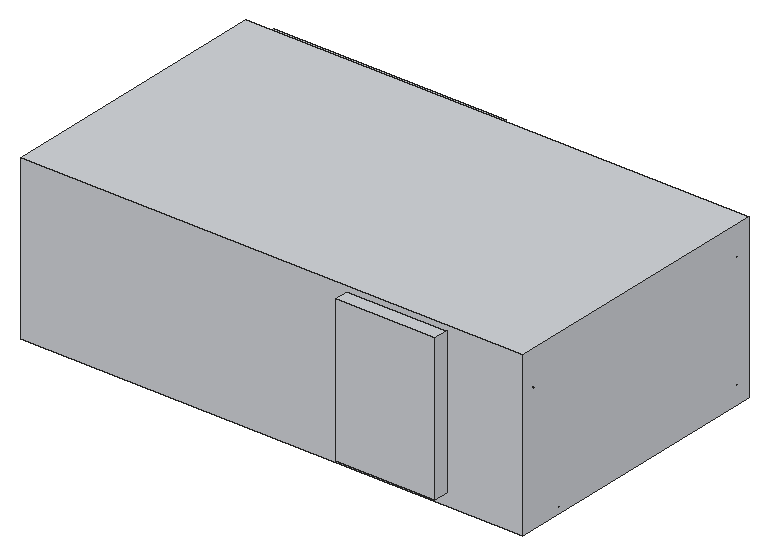
Revit family "M_WSHP - Horizontal", category Equipamento mecânico, Revit 2019
Family settings
  Cota do conector redondo = Usar raio
  Tipo de parte = Normal
  Número OmniClass = 23.75.10.21.17
  Título OmniClass = Water-Source Heat Pumps
  ID de item do Seek = WSHP - Horizontal-0000-CAN-ENU
  Com base no plano de trabalho = Não
  Sempre na vertical = Sim
  Corte com vazios quando carregada = Não
  Compartilhado = Não
  Ponto de cálculo do ambiente = Não
Parameters (values of type "006 Unidade")
  Queda de pressão da água [instance] = 12410.0 Pa
  Raio da água = 7.5 mm
  Diâmetro da água = Raio da água * 2  # 15 mm
  Fluxo da água [instance] = 0.13 L/s
  Voltagem = 208 V
  Largura do ar de fornecimento = 170 mm
  Altura do ar de fornecimento = 250 mm
  Largura do ar de retorno = 400 mm
  Altura do ar de retorno = 250 mm
  Número de pólos = 3
  Classificação de carga = Refrigeração
  Capacidade de aquecimento = 2432 W
  Largura da bomba de calor = 485 mm
  Material da bomba de calor = none
  Comprimento da bomba de calor = 866 mm
  Altura da bomba de calor = 279 mm
  Capacidade de refrigeração = 1875 W
  Raio da condensação = 10 mm
  Diâmetro da condensação = Raio da condensação * 2  # 20 mm
  Fluxo de condensação [instance] = 0.0 L/s
  C5 Deslocamento 1 = 53 mm
  C4 Deslocamento 2 = 20 mm
  C4 Deslocamento 1 = 45 mm
  C3 Deslocamento 2 = 20 mm
  C3 Deslocamento 1 = 243 mm
  C2 Deslocamento 2 = 15 mm
  C2 Deslocamento 1 = 28 mm
  C1 Deslocamento 2 = 20 mm
  C1 Deslocamento 1 = 132 mm
  Carga aparente = 853 VA
  Pressão estática externa [instance] = 62.0 Pa
  Fluxo de ar [instance] = 104.0 L/s
Types (11, lengths in mm): name | Queda de pressão da água | Raio da água | Diâmetro da água | Fluxo da água | Largura do ar de fornecimento | Altura do ar de fornecimento | Largura do ar de retorno | Altura do ar de retorno | Capacidade de aquecimento | Largura da bomba de calor | Comprimento da bomba de calor | Altura da bomba de calor | Capacidade de refrigeração | C5 Deslocamento 1 | C4 Deslocamento 2 | C4 Deslocamento 1 | C3 Deslocamento 2 | C3 Deslocamento 1 | C2 Deslocamento 2 | C1 Deslocamento 2 | C1 Deslocamento 1 | Carga aparente | Fluxo de ar
  (no name) | 12410.0 Pa | 7.5 | 15 | 0.13 L/s | 170 | 250 | 400 | 250 | 2432 W | 485 | 866 | 279 | 1875 W | 53 | 20 | 45 | 20 | 243 | 15 | 20 | 132 | 853 VA | 104.0 L/s
  006 Unidade | 12410.0 Pa | 7.5 | 15 | 0.13 L/s | 170 | 250 | 400 | 250 | 2432 W | 485 | 866 | 279 | 1875 W | 53 | 20 | 45 | 20 | 243 | 15 | 20 | 132 | 853 VA | 104.0 L/s
  009 Unidade | 25510.0 Pa | 7.5 | 15 | 0.13 L/s | 170 | 250 | 400 | 250 | 3165 W | 485 | 866 | 279 | 2432 W | 53 | 20 | 45 | 20 | 243 | 15 | 20 | 132 | 1186 VA | 153.0 L/s
  012 Unidade | 40679.0 Pa | 7.5 | 15 | 0.19 L/s | 170 | 250 | 400 | 250 | 4190 W | 485 | 866 | 279 | 3370 W | 53 | 20 | 45 | 20 | 243 | 15 | 20 | 132 | 1560 VA | 188.0 L/s
  018 Unidade | 26889.0 Pa | 7.5 | 15 | 0.32 L/s | 250 | 320 | 550 | 400 | 6447 W | 510 | 1094 | 434 | 5333 W | 155 | 53 | 48 | 60 | 388 | 25 | 66 | 104 | 2434 VA | 283.0 L/s
  024 Unidade | 40679.0 Pa | 10 | 20 | 0.38 L/s | 250 | 320 | 550 | 400 | 8147 W | 510 | 1094 | 434 | 6975 W | 155 | 53 | 48 | 60 | 388 | 25 | 66 | 104 | 2870 VA | 377.0 L/s
  030 Unidade | 31715.0 Pa | 10 | 20 | 0.5 L/s | 250 | 320 | 550 | 400 | 9817 W | 510 | 1094 | 434 | 8205 W | 155 | 53 | 48 | 60 | 388 | 25 | 66 | 104 | 3515 VA | 472.0 L/s
  036 Unidade | 27579.0 Pa | 10 | 20 | 0.63 L/s | 250 | 400 | 650 | 500 | 13334 W | 510 | 1196 | 536 | 10257 W | 256 | 30 | 119 | 55 | 477 | 25 | 63 | 76 | 4389 VA | 566.0 L/s
  042 Unidade | 34473.0 Pa | 10 | 20 | 0.69 L/s | 250 | 409 | 650 | 500 | 15415 W | 500 | 1196 | 536 | 12015 W | 256 | 30 | 119 | 55 | 477 | 25 | 63 | 76 | 5054 VA | 637.0 L/s
  048 Unidade | 33094.0 Pa | 10 | 20 | 0.76 L/s | 350 | 400 | 900 | 500 | 17056 W | 612 | 1298 | 536 | 13803 W | 256 | 58 | 109 | 149 | 492 | 25 | 94 | 104 | 5470 VA | 755.0 L/s
  060 Unidade | 72394.0 Pa | 12.5 | 25 | 0.95 L/s | 350 | 450 | 900 | 500 | 22507 W | 612.2 | 1298 | 536 | 16998 W | 256 | 58 | 109 | 149 | 492 | 25 | 43 | 104 | 7571 VA | 943.0 L/s
Reference planes
  plane 1 "Centro (Frente/Trás)": y = 0
  plane 2: z = 0
  plane 3 "Centro (Esquerda/Direita)": x = 0
  plane 4: x = 866
  plane 5: y = 485
  plane 6: z = 279
  plane 7: x = 50.8
  plane 8: y = 510.4
  plane 9: x = 450.8
  plane 10: z = 15.28
  plane 11: y = -25.4
  plane 12: y = 27.94
  plane 13: y = 465
  plane 14: y = 83.82
  plane 15: z = 17.78
  plane 16: x = 250.8
  plane 17: y = 465
  plane 18: z = 36
  plane 19: z = 234
  plane 20: z = 226
  plane 21: z = 20
  plane 22: z = 270
  plane 23: x = 734
  plane 24: x = 564
  plane 25: z = 264
  plane 26: z = 14
  plane 27: x = 28
  plane 28: x = 428
  plane 29: x = 853.3
Forms (mm)
  Extrusion 1, solid, material <- "Material da bomba de calor"
    sketch origin (0, 0, 0) x (1, 0, 0) y (0, 1, 0)
      loop
        line (0, 485) -> (0, 0) -> (866, 0) -> (866, 485) -> (0, 485)
    from 0 to 279
  Extrusion 2, solid, material <- "Material da bomba de calor"
    sketch origin (0, 0, 0) x (0, 1, 0) y (0, 0, 1)
      loop
        circle (27.94, 226) r 9.525
    from 853.48 to 866
  Extrusion 3, solid, material <- "Material da bomba de calor"
    sketch origin (0, 0, 0) x (0, 1, 0) y (0, 0, 1)
      loop
        circle (465, 36) r 7.5
    from 853.48 to 866
  Extrusion 4, solid, material <- "Material da bomba de calor"
    sketch origin (0, 0, 0) x (0, 1, 0) y (0, 0, 1)
      loop
        circle (465, 234) r 7.5
    from 853.48 to 866
  Extrusion 5, solid, material <- "Material da bomba de calor"
    sketch origin (0, 0, 0) x (0, 1, 0) y (0, 0, 1)
      loop
        circle (83.82, 17.78) r 10
    from 853.48 to 866
  Extrusion 6, solid
    sketch origin (0, 0, 0) x (1, 0, 0) y (0, 0, 1)
      loop
        line (564, 270) -> (564, 20) -> (734, 20) -> (734, 270) -> (564, 270)
    from 0 to 25.4
  Extrusion 7, solid
    sketch origin (0, 0, 0) x (1, 0, 0) y (0, 0, 1)
      loop
        line (28, 14) -> (428, 14) -> (428, 264) -> (28, 264) -> (28, 14)
    from -510.4 to -485
Cuts and joins
  joined: Extrusion 3, Extrusion 4
  joined: Extrusion 2, Extrusion 5
Dimensions and locks
  "Comprimento da bomba de calor": plane 3 "Centro (Esquerda/Direita)" to plane 4
  "Largura da bomba de calor": plane 1 "Centro (Frente/Trás)" to plane 5  (x2)
  "Altura da bomba de calor": plane 6 to plane 2
  locked: plane 8 to plane 5 at 25.4
  locked: plane 3 "Centro (Esquerda/Direita)" to plane 7 at 50.8
  "Largura do ar de retorno": plane 7 to plane 9
  locked: plane 11 to plane 1 "Centro (Frente/Trás)" at 25.4
  locked: plane 1 "Centro (Frente/Trás)" to plane 12 at 27.94
  "C4 Deslocamento 2": plane 13 to plane 5
  locked: plane 1 "Centro (Frente/Trás)" to plane 14 at 83.82
  locked: plane 15 to plane 2 at 17.78
  equal spacing: plane 7, plane 16, plane 9
  "C3 Deslocamento 2": plane 17 to plane 5
  "C3 Deslocamento 1": plane 6 to plane 18
  "C4 Deslocamento 1": plane 6 to plane 19
  "C5 Deslocamento 1": plane 6 to plane 20
  "C1 Deslocamento 2": plane 21 to plane 2
  "Altura do ar de fornecimento": plane 22 to plane 21
  "C1 Deslocamento 1": plane 4 to plane 23
  "Largura do ar de fornecimento": plane 23 to plane 24
  "C2 Deslocamento 2": plane 6 to plane 25
  "Altura do ar de retorno": plane 25 to plane 26
  "C2 Deslocamento 1": plane 27 to plane 3 "Centro (Esquerda/Direita)"
  "Largura do ar de retorno": plane 28 to plane 27
  locked: plane 4 to plane 29 at 12.7
  radius of Extrusion 2 sketch curve = 9.525 mm
  "Raio da água": radius of Extrusion 3 sketch curve
  "Raio da água": radius of Extrusion 4 sketch curve
  "Raio da condensação": radius of Extrusion 5 sketch curve
  aligned and locked: Extrusion 1 to plane 3 "Centro (Esquerda/Direita)"
  aligned and locked: plane 1 "Centro (Frente/Trás)" to Extrusion 1
  aligned and locked: plane 5 to Extrusion 1
  aligned and locked: plane 4 to Extrusion 1
  aligned and locked: Extrusion 1 to plane 2
  aligned and locked: plane 6 to Extrusion 1
  aligned and locked: Extrusion 2 sketch curve to plane 12
  aligned and locked: plane 14 to Extrusion 5 sketch curve
  aligned and locked: plane 15 to Extrusion 5 sketch curve
  aligned and locked: plane 4 to Extrusion 2
  aligned and locked: plane 4 to Extrusion 3
  aligned and locked: plane 4 to Extrusion 4
  aligned and locked: plane 4 to Extrusion 5
  aligned and locked: plane 18 to Extrusion 3 sketch curve
  aligned and locked: plane 17 to Extrusion 3 sketch curve
  aligned and locked: plane 19 to Extrusion 4 sketch curve
  aligned and locked: Extrusion 4 sketch curve to plane 13
  aligned and locked: plane 20 to Extrusion 2 sketch curve
  aligned and locked: Extrusion 6 sketch curve to plane 22
  aligned and locked: plane 21 to Extrusion 6 sketch curve
  aligned and locked: Extrusion 6 sketch curve to plane 23
  aligned and locked: plane 24 to Extrusion 6 sketch curve
  aligned and locked: plane 28 to Extrusion 7 sketch curve
  aligned and locked: plane 26 to Extrusion 7 sketch curve
  aligned and locked: Extrusion 7 sketch curve to plane 27
  aligned and locked: plane 25 to Extrusion 7 sketch curve
  aligned and locked: plane 8 to Extrusion 7
  aligned and locked: Extrusion 7 to plane 5
  aligned and locked: Extrusion 6 to plane 1 "Centro (Frente/Trás)"
  aligned and locked: Extrusion 6 to plane 11
  aligned and locked: Extrusion 4 to cut or joined group of Extrusion 2, Extrusion 5
  aligned and locked: Extrusion 4 to Extrusion 3
  aligned and locked: Extrusion 2 to Extrusion 5
Automatic sketch dimensions
  Extrusion 1 sketch curve to plane 1 "Centro (Frente/Trás)" = 0 mm
  Extrusion 1 sketch curve to plane 3 "Centro (Esquerda/Direita)" = 0 mm
  plane 4 to Extrusion 1 sketch curve = 0 mm
  plane 5 to Extrusion 1 sketch curve = 0 mm
Connectors
  hvac at (649, -25.4, 145), driven by "Fluxo de ar", driven by "Altura do ar de fornecimento", driven by "Largura do ar de fornecimento"
    settings: on Extrusion 6, index 1, duct flow 104.0 L/s, flow factor 0, pres drop 0.0 Pa, loss coef 0, conn angle 0.00°, conn width 170 mm, conn height 250 mm, conn diameter 609.6 mm, duct sys type 1, conn prof type 1, flow config 0, flow direction 2, loss method 0, conn ref index 2, conn util no, is conn primary yes, conn desc ""
  hvac at (228, 510.4, 139), driven by "Fluxo de ar", driven by "Altura do ar de retorno", driven by "Largura do ar de retorno"
    settings: on Extrusion 7, index 2, duct flow 104.0 L/s, flow factor 0, pres drop 0.0 Pa, loss coef 0, conn angle 0.00°, conn width 400 mm, conn height 250 mm, conn diameter 609.6 mm, duct sys type 2, conn prof type 1, flow config 0, flow direction 1, loss method 0, conn ref index 1, conn util no, is conn primary no, conn desc ""
  piping at (866, 465, 234), diameter 15, driven by "Fluxo da água", driven by "Queda de pressão da água", driven by "Raio da água"
    settings: on cut or joined group of Extrusion 3, Extrusion 4, index 3, connector inside diameter 15 mm, connector length 0 mm, flow factor 0, pipe flow 0.13 L/s, pressure drop 12410.0 Pa, fitting loss kfactor 0, connector angle 0.00°, fixture units 0, engagement length 0 mm, angle of deflection 0.00°, flow configuration 1, flow direction 2, fitting loss method 4, system type 8, joint type 0, gender type 0, connector reference index 4, connector utility 0, adjustable connector no, is connector primary yes, connector description "Saída de água"
  piping at (866, 465, 36), diameter 15, driven by "Fluxo da água", driven by "Raio da água"
    settings: on cut or joined group of Extrusion 3, Extrusion 4, index 4, connector inside diameter 15 mm, connector length 0 mm, flow factor 0, pipe flow 0.13 L/s, pressure drop 0.0 Pa, fitting loss kfactor 0, connector angle 0.00°, fixture units 0, engagement length 0 mm, angle of deflection 0.00°, flow configuration 1, flow direction 1, fitting loss method 4, system type 7, joint type 0, gender type 0, connector reference index 3, connector utility 0, adjustable connector no, is connector primary no, connector description "Saída de água"
  piping at (866, 83.82, 17.78), diameter 19.05, driven by "Fluxo de condensação"
    settings: on cut or joined group of Extrusion 2, Extrusion 5, index 5, connector inside diameter 19.05 mm, connector length 0 mm, flow factor 0, pipe flow 0.0 L/s, pressure drop 0.0 Pa, fitting loss kfactor 0, connector angle 0.00°, fixture units 0, engagement length 0 mm, angle of deflection 0.00°, flow configuration 1, flow direction 2, fitting loss method 0, system type 16, joint type 0, gender type 0, connector reference index -1, connector utility 0, adjustable connector yes, is connector primary no, connector description "Saída da drenagem"
  electrical at (866, 27.94, 226), driven by "Carga aparente", driven by "Voltagem", driven by "Número de pólos", driven by "Classificação de carga"
    settings: on cut or joined group of Extrusion 2, Extrusion 5, index 6, voltage 208 V, apparent load 853 VA, apparent load phase1 0 VA, apparent load phase2 0 VA, apparent load phase3 0 VA, power factor 0.8, load classification "Refrigeração", number of poles 3, system type 30, power factor state 1, is connector primary yes, connector utility no, sub classification motor no, connector description ""
